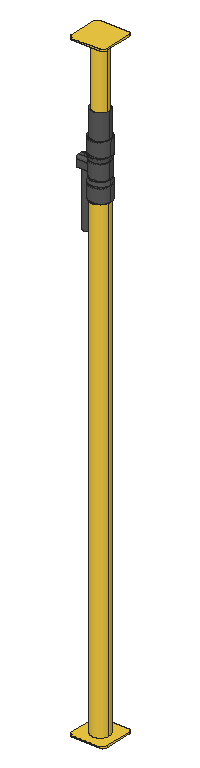
Revit family "EHL_STRONG PROP 2,1-3,65_2154300", category Generic Models, Revit 2018
Family settings
  Can host rebar = No
  Round Connector Dimension = Use Diameter
  Part Type = Normal
  OmniClass Number = 35.51.14.00
  OmniClass Title = FORMWORK
  Work Plane-Based = Yes
  Always vertical = No
  Cut with Voids When Loaded = No
  Shared = Yes
  Room Calculation Point = No
Parameters (values of type "EHL_STRONG PROP 2,1-3,65_2154300")
  VERSION = "20190101"  # constant formula
  URL = "www.ulmaconstruction.com/en"
  UNICLASS = ""
  Manufacturer = "ULMA CONSTRUCTION"  # constant formula
  MIN LENGTH = 2100.000 mm
  MAX LENGTH = 3650.000 mm
  ITEM_HEIGHT [instance] = if(HEIGHT < MIN LENGTH, MIN LENGTH, if(HEIGHT < MAX LENGTH, HEIGHT, MAX LENGTH))  # 2100.000 mm
  ITEM_CODE = "2154300"
  HEIGHT [instance] = 2100.000 mm
  FILTER [instance] = ""
  Default Elevation = 0.000 mm
  CLASSIFICATION_TITLE = ""
  CLASSIFICATION_NUMBER = ""
Reference planes
  plane 1 "Centro (Frontal/Posterior)": y = 0
  plane 2: z = 0
  plane 3 "Centro (Izquierda/Derecha)": x = 0
  plane 4 "ITEM_HEIGHT": z = 2100
  plane 5 "HEIGHT": z = 2100
  plane 6 "INSIDE TUBE": z = 20
  plane 7 "EXTERIOR TUBE": z = 1610
Forms (mm)
  Extrusion 1, solid, material "ULMA YELLOW"
    sketch origin (0, 0, 0) x (1, 0, 0) y (0, 1, 0)
      loop
        arc (-46, 60) -> (-55.899, 55.899) -> (-60, 46) r 14
        line (-60, 46) -> (-60, -46)
        arc (-60, -46) -> (-55.899, -55.899) -> (-46, -60) r 14
        line (-46, -60) -> (46, -60)
        arc (46, -60) -> (55.899, -55.899) -> (60, -46) r 14
        line (60, -46) -> (60, 46)
        arc (60, 46) -> (55.899, 55.899) -> (46, 60) r 14
        line (46, 60) -> (-46, 60)
    from 0 to 4
  Extrusion 2, solid, material "ULMA YELLOW"
    sketch origin (0, 0, 4) x (1, 0, 0) y (0, 1, 0)
      loop
        circle (0, 0) r 30
    from 0 to 1606
  Extrusion 3, solid, material "ULMA YELLOW"
    sketch origin (0, 0, 2100) x (-1, 0, 0) y (0, -1, 0)
      loop
        arc (46, -60) -> (55.899, -55.899) -> (60, -46) r 14
        line (60, -46) -> (60, 46)
        arc (60, 46) -> (55.899, 55.899) -> (46, 60) r 14
        line (46, 60) -> (-46, 60)
        arc (-46, 60) -> (-55.899, 55.899) -> (-60, 46) r 14
        line (-60, 46) -> (-60, -46)
        arc (-60, -46) -> (-55.899, -55.899) -> (-46, -60) r 14
        line (-46, -60) -> (46, -60)
    from 0 to -4
  Extrusion 4, solid, material "ULMA YELLOW"
    sketch origin (-860.375, -1524, 2100) x (-1, 0, 0) y (0, -1, 0)
      loop
        circle (-860.375, -1524) r 26
    from -4 to -2080
  Extrusion 5, solid, material "ULMA BLACK", detail levels fine
    sketch origin (0, 0, 0) x (0, 1, 0) y (0, 0, 1)
      loop
        line (-6.5, 1717) -> (6.5, 1717)
        arc (6.5, 1717) -> (10.036, 1715.536) -> (11.5, 1712) r 5
        line (11.5, 1712) -> (11.5, 1688) -> (15.5, 1688) -> (15.5, 1712)
        arc (15.5, 1712) -> (12.864, 1718.364) -> (6.5, 1721) r 9
        line (6.5, 1721) -> (-6.5, 1721)
        arc (-6.5, 1721) -> (-12.864, 1718.364) -> (-15.5, 1712) r 9
        line (-15.5, 1712) -> (-15.5, 1688) -> (-11.5, 1688) -> (-11.5, 1712)
        arc (-11.5, 1712) -> (-10.036, 1715.536) -> (-6.5, 1717) r 5
    from -68.125 to 0
  Revolve 6, solid, material "ULMA BLACK", detail levels fine
    sketch origin (0, 0, 0) x (1, 0, 0) y (0, 0, 1)
      loop
        line (0, 1610) -> (0, 1798) -> (-34, 1798) -> (-35.5, 1796.5) -> (-35.5, 1749.671)
        arc (-35.5, 1749.671) -> (-35.404, 1747.715) -> (-35.117, 1745.777) r 20
        line (-35.117, 1745.777) -> (-32.393, 1732.055)
        arc (-32.393, 1732.055) -> (-32.192, 1730.698) -> (-32.125, 1729.329) r 14
        line (-32.125, 1729.329) -> (-32.125, 1678.671)
        arc (-32.125, 1678.671) -> (-32.192, 1677.302) -> (-32.393, 1675.945) r 14
        line (-32.393, 1675.945) -> (-35.117, 1662.223)
        arc (-35.117, 1662.223) -> (-35.404, 1660.285) -> (-35.5, 1658.329) r 20
        line (-35.5, 1658.329) -> (-35.5, 1611.5) -> (-34, 1610) -> (0, 1610)
      axis (0, 1798) -> (0, 1610)
    angle from 0 to 360
  Extrusion 7, solid, material "ULMA BLACK", detail levels fine
    sketch origin (-448.639, -1524, 1610) x (-1, 0, 0) y (0, -1, 0)
      loop
        circle (-400.514, -1524) r 10
    from -110 to 100
  Extrusion 8, solid, material "ULMA BLACK", detail levels fine
    sketch origin (-442.814, -1524, 1610) x (-1, 0, 0) y (0, -1, 0)
      loop
        circle (-442.814, -1524) r 30.5
    from 188 to 272
Lines and regions (mm)
  model lines, style "ULMA PROP", detail levels fine
    curve 1: circle (-40, 40, 4) r 7.25 normal (0, 0, 1)
    curve 2: circle (0, 46.5, 4) r 3 normal (0, 0, 1)
    curve 3: circle (40, 40, 4) r 7.25 normal (0, 0, 1)
    curve 4: circle (46.5, 0, 4) r 3 normal (0, 0, 1)
    curve 5: circle (40, -40, 4) r 7.25 normal (0, 0, 1)
    curve 6: circle (0, -46.5, 4) r 3 normal (0, 0, 1)
    curve 7: circle (-40, -40, 4) r 7.25 normal (0, 0, 1)
    curve 8: circle (-46.5, 0, 4) r 3 normal (0, 0, 1)
    curve 9: circle (0, 0, 0) r 21 normal (0, 0, 1)
    curve 10: circle (-40, 40, 0) r 7.25 normal (0, 0, 1)
    curve 11: circle (0, 46.5, 0) r 3 normal (0, 0, 1)
    curve 12: circle (40, 40, 0) r 7.25 normal (0, 0, 1)
    curve 13: circle (46.5, 0, 0) r 3 normal (0, 0, 1)
    curve 14: circle (40, -40, 0) r 7.25 normal (0, 0, 1)
    curve 15: circle (0, -46.5, 0) r 3 normal (0, 0, 1)
    curve 16: circle (-40, -40, 0) r 7.25 normal (0, 0, 1)
    curve 17: circle (-46.5, 0, 0) r 3 normal (0, 0, 1)
    curve 18: circle (-40, 40, 2100) r 7.25 normal (0, 0, 1)
    curve 19: circle (40, 40, 2100) r 7.25 normal (0, 0, 1)
    curve 20: circle (40, -40, 2100) r 7.25 normal (0, 0, 1)
    curve 21: circle (-40, -40, 2100) r 7.25 normal (0, 0, 1)
    curve 22: circle (-40, 40, 2096) r 7.25 normal (0, 0, 1)
    curve 23: circle (40, 40, 2096) r 7.25 normal (0, 0, 1)
    curve 24: circle (40, -40, 2096) r 7.25 normal (0, 0, 1)
    curve 25: circle (-40, -40, 2096) r 7.25 normal (0, 0, 1)
    curve 26: circle (0, 0, 2100) r 21 normal (0, 0, 1)
    curve 27: circle (0, 46.5, 2100) r 3 normal (0, 0, 1)
    curve 28: circle (46.5, 0, 2100) r 3 normal (0, 0, 1)
    curve 29: circle (0, -46.5, 2100) r 3 normal (0, 0, 1)
    curve 30: circle (-46.5, 0, 2100) r 3 normal (0, 0, 1)
    curve 31: circle (0, 46.5, 2096) r 3 normal (0, 0, 1)
    curve 32: circle (46.5, 0, 2096) r 3 normal (0, 0, 1)
    curve 33: circle (0, -46.5, 2096) r 3 normal (0, 0, 1)
    curve 34: circle (-46.5, 0, 2096) r 3 normal (0, 0, 1)
Dimensions and locks
  Extrusion 1 sketch curve to plane 3 "Centro (Izquierda/Derecha)" = 60.000 mm
  Extrusion 1 sketch curve to Extrusion 1 sketch curve = 120.000 mm  (x2)
  plane 1 "Centro (Frontal/Posterior)" to Extrusion 1 sketch curve = 60.000 mm
  "ITEM_HEIGHT": plane 4 "ITEM_HEIGHT" to plane 2
  "HEIGHT": plane 5 "HEIGHT" to plane 2
  Extrusion 3 sketch curve to Extrusion 3 sketch curve = 120.000 mm  (x2)
  locked: plane 4 "ITEM_HEIGHT" to plane 6 "INSIDE TUBE" at 2080
  locked: plane 7 "EXTERIOR TUBE" to plane 2 at 1610
  locked: Extrusion 5 sketch curve to plane 7 "EXTERIOR TUBE" at 78
  locked: plane 7 "EXTERIOR TUBE" to Extrusion 5 sketch curve at 78
  locked: plane 7 "EXTERIOR TUBE" to Extrusion 5 sketch curve at 107
  locked: plane 7 "EXTERIOR TUBE" to Extrusion 5 sketch curve at 111
  diameter of Extrusion 2 sketch curve = 60.000 mm
  diameter of Extrusion 4 sketch curve = 52.000 mm
  aligned and locked: level to plane 2
  aligned and locked: Extrusion 4 to plane 6 "INSIDE TUBE"
  aligned and locked: plane 7 "EXTERIOR TUBE" to Extrusion 2
Automatic sketch dimensions
  curve 19 to Extrusion 3 = 20.000 mm  (x2)
  curve 20 to Extrusion 3 = 20.000 mm  (x2)
  curve 18 to Extrusion 3 = 20.000 mm  (x2)
  curve 21 to Extrusion 3 = 20.000 mm  (x2)
  Extrusion 3 to curve 23 = 20.000 mm  (x2)
  Extrusion 3 to curve 24 = 20.000 mm  (x2)
  Extrusion 3 to curve 25 = 20.000 mm  (x2)
  Extrusion 3 to curve 22 = 20.000 mm  (x2)
  Extrusion 1 sketch curve to Extrusion 1 sketch curve = 14.000 mm  (x4)
  Extrusion 1 to curve 17 = 13.500 mm
  Extrusion 1 to curve 16 = 20.000 mm  (x2)
  Extrusion 1 to curve 10 = 20.000 mm  (x2)
  Extrusion 1 to curve 11 = 13.500 mm
  curve 10 to curve 11 = 40.000 mm
  curve 9 to curve 11 = 0.000 mm
  Extrusion 1 to curve 15 = 13.500 mm
  curve 16 to curve 15 = 40.000 mm
  Extrusion 1 to curve 12 = 20.000 mm  (x2)
  Extrusion 1 to curve 14 = 20.000 mm  (x2)
  Extrusion 1 to curve 13 = 13.500 mm
  curve 9 to curve 11 = 46.500 mm
  curve 14 to curve 13 = 40.000 mm
  curve 16 to curve 17 = 40.000 mm
  curve 19 to curve 26 = 40.000 mm  (x2)
  curve 28 to Extrusion 3 = 13.500 mm
  curve 29 to Extrusion 3 = 13.500 mm
  curve 29 to curve 21 = 40.000 mm
  curve 27 to Extrusion 3 = 13.500 mm
  curve 27 to curve 18 = 40.000 mm
  curve 30 to Extrusion 3 = 13.500 mm
  curve 19 to curve 28 = 40.000 mm
  curve 18 to curve 30 = 40.000 mm
  Extrusion 3 to curve 32 = 13.500 mm
  Extrusion 3 to curve 31 = 13.500 mm
  curve 31 to curve 22 = 40.000 mm
  Extrusion 3 to curve 33 = 13.500 mm
  curve 33 to curve 25 = 40.000 mm
  Extrusion 3 to curve 34 = 13.500 mm
  curve 23 to curve 32 = 40.000 mm
  curve 22 to curve 34 = 40.000 mm
  plane 3 "Centro (Izquierda/Derecha)" to Extrusion 3 sketch curve = 60.000 mm
  Extrusion 3 sketch curve to Extrusion 3 sketch curve = 14.000 mm  (x4)
  Extrusion 5 sketch curve to Extrusion 5 sketch curve = 0.000 mm  (x4)
  plane 1 "Centro (Frontal/Posterior)" to Extrusion 5 sketch curve = 15.500 mm
  plane 1 "Centro (Frontal/Posterior)" to Extrusion 5 sketch curve = 6.500 mm
  Extrusion 5 sketch curve to plane 1 "Centro (Frontal/Posterior)" = 6.500 mm
  Extrusion 5 sketch curve to Extrusion 5 sketch curve = 5.000 mm
  curve 8 to Extrusion 1 = 13.500 mm
  curve 7 to Extrusion 1 = 20.000 mm  (x2)
  curve 1 to Extrusion 1 = 20.000 mm  (x2)
  curve 2 to Extrusion 1 = 13.500 mm
  curve 1 to curve 2 = 40.000 mm
  curve 6 to Extrusion 1 = 13.500 mm
  curve 7 to curve 6 = 40.000 mm
  curve 3 to Extrusion 1 = 20.000 mm  (x2)
  curve 5 to Extrusion 1 = 20.000 mm  (x2)
  curve 4 to Extrusion 1 = 13.500 mm
  curve 5 to curve 4 = 40.000 mm
  curve 7 to curve 8 = 40.000 mm
  plane 1 "Centro (Frontal/Posterior)" to Extrusion 7 sketch curve = 0.000 mm
  Extrusion 7 sketch curve to plane 3 "Centro (Izquierda/Derecha)" = 48.125 mm
  Revolve 6 sketch curve to plane 7 "EXTERIOR TUBE" = 0.000 mm
  Revolve 6 sketch curve to plane 3 "Centro (Izquierda/Derecha)" = 0.000 mm  (x2)
  Revolve 6 sketch curve to plane 3 "Centro (Izquierda/Derecha)" = 15.500 mm  (x2)
  Revolve 6 sketch curve to Revolve 6 sketch curve = 16.625 mm
  Revolve 6 sketch curve to Revolve 6 sketch curve = 0.268 mm
  Revolve 6 sketch curve to Revolve 6 sketch curve = 34.000 mm
  Revolve 6 sketch curve to Revolve 6 sketch curve = 2.724 mm  (x2)
  Revolve 6 sketch curve to Revolve 6 sketch curve = 1.500 mm  (x3)
  Revolve 6 sketch curve to Revolve 6 sketch curve = 0.383 mm
  Revolve 6 sketch curve to Revolve 6 sketch curve = 14.000 mm
  Revolve 6 sketch curve to Revolve 6 sketch curve = 13.732 mm
  plane 7 "EXTERIOR TUBE" to Revolve 6 sketch curve = 48.329 mm
  Revolve 6 sketch curve to Revolve 6 sketch curve = 13.722 mm  (x2)
  Revolve 6 sketch curve to Revolve 6 sketch curve = 2.726 mm
  Revolve 6 sketch curve to Revolve 6 sketch curve = 46.829 mm
  plane 7 "EXTERIOR TUBE" to Revolve 6 sketch curve = 1.500 mm
  Revolve 6 sketch curve to level = 366.045 mm
  Revolve 6 sketch curve to Revolve 6 sketch curve = 50.658 mm
  Revolve 6 sketch curve to plane 4 "ITEM_HEIGHT" = 135.685 mm
  plane 1 "Centro (Frontal/Posterior)" to Extrusion 8 sketch curve = 0.000 mm
  Extrusion 8 sketch curve to plane 3 "Centro (Izquierda/Derecha)" = 0.000 mm
  plane 1 "Centro (Frontal/Posterior)" to Extrusion 4 sketch curve = 0.000 mm
  Extrusion 4 sketch curve to plane 3 "Centro (Izquierda/Derecha)" = 0.000 mm
  Extrusion 2 sketch curve to Extrusion 1 = 60.000 mm  (x2)
  Extrusion 3 sketch curve to plane 1 "Centro (Frontal/Posterior)" = 60.000 mm
  radius of curve 18 = 7.250 mm
  radius of curve 19 = 7.250 mm
  radius of curve 20 = 7.250 mm
  radius of curve 21 = 7.250 mm
  radius of curve 26 = 21.000 mm
  radius of curve 22 = 7.250 mm
  radius of curve 23 = 7.250 mm
  radius of curve 24 = 7.250 mm
  radius of curve 25 = 7.250 mm
  radius of curve 9 = 21.000 mm
  radius of curve 10 = 7.250 mm
  radius of curve 11 = 3.000 mm
  radius of curve 12 = 7.250 mm
  radius of curve 13 = 3.000 mm
  radius of curve 14 = 7.250 mm
  radius of curve 15 = 3.000 mm
  radius of curve 16 = 7.250 mm
  radius of curve 17 = 3.000 mm
  radius of curve 27 = 3.000 mm
  radius of curve 28 = 3.000 mm
  radius of curve 29 = 3.000 mm
  radius of curve 30 = 3.000 mm
  radius of curve 31 = 3.000 mm
  radius of curve 32 = 3.000 mm
  radius of curve 33 = 3.000 mm
  radius of curve 34 = 3.000 mm
  radius of curve 1 = 7.250 mm
  radius of curve 2 = 3.000 mm
  radius of curve 3 = 7.250 mm
  radius of curve 4 = 3.000 mm
  radius of curve 5 = 7.250 mm
  radius of curve 6 = 3.000 mm
  radius of curve 7 = 7.250 mm
  radius of curve 8 = 3.000 mm
  radius of Extrusion 7 sketch curve = 10.000 mm
  radius of Extrusion 8 sketch curve = 30.500 mm
